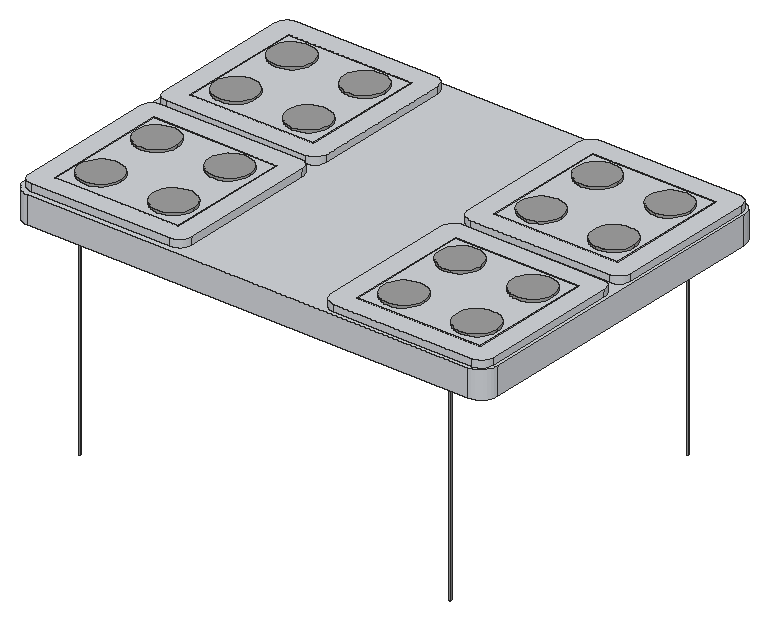
Revit family "LigULing-Industriale-GEWISS-SMART[4]UL_APPARECCHI-LED_3M", category Apparecchi per illuminazione, Revit 2019
Family settings
  Quota connettore circolare = Usa diametro
  Tipo di parte = Normale
  Numero OmniClass = 23.80.70.00
  Titolo OmniClass = Lighting
  Basato su piano di lavoro = Sì
  Sempre verticale = No
  Taglio con vuoti quando caricato = No
  Sorgente d'illuminazione = No
  Condiviso = No
  Punto di calcolo locali = No
Parameters (values of type "GWS4420GP857 - SMART4HB 4M ST.AL.ON/OFF UL 90° 57K")
  Voltaggio = 230 V
  Viti esterne = "Acciaio inox"
  Versione file RFA = "20.11"
  Vano di alimentazione = "Integrato"
  URL = "https://www.gewiss.com/it/it"
  Tolleranza cromatica = "SDCM = 3"
  Tipologia sorgente luminosa = "LED - Non sostituibile"
  Tipo di installazione e montaggio = "Plafone - Parete - Sospensione"
  Tipo di apparecchio = "Riflettore industriale a LED&nbsp;"
  Tensione di alimentazione = "120-277 V"
  Temperatura di stoccaggio = "-"
  Temperatura di esercizio = "-25°C / +40 °C"
  Temperatura di colore = "5700K"
  Superficie massima esposta al vento : = "0,350 m²"
  Spostamento_y_etichetta [instance] = 0 mm
  Spostamento_y_effettivo_etichetta [instance] = 1500 mm - Spostamento_y_etichetta  # 1500 mm
  Spostamento_x_etichetta [instance] = 0 mm
  Spostamento_x_effettivo_etichetta [instance] = 1500 mm - Spostamento_x_etichetta  # 1500 mm
  SostituibilitÃ  piastra di cablaggio = "Non sostituibile"
  SostituibilitÃ  gruppo ottico = "Non sostituibile"
  Sistema di controllo : = "ON / OFF"
  Sistema di controllo = "ON / OFF"
  Schermo = "Vetro Temprato Spessore 4mm"
  Scheda Tecnica = "https://www.gewiss.com/it/it/search?q=GWS4420GP857"
  SEO = ""
  Resistenza al filo incandescente = "850 °C"
  Resistenza agli urti = "IK08"
  Produttore = "GEWISS S.p.A."
  Potenza di sistema = "256W"
  Peso (kg): = "13,5"
  Ottica = "90°"
  Offset etichetta W [instance] = 150 mm
  Norma di riferimento = "UL 1598 - CSA C22.2 No. 250.0-18"
  Modello = "GWS4420GP857"
  Materiali = "-"
  Lumen output (lm) = "36000"
  Lampada = "LED"
  Installazione e manutenzione = "-"
  Informazioni generali = "-"
  Indice di resa cromatica = "CRI-80"
  Inclinazione = "Con accessorio staffa"
  Immagine tipo = GWL1371.jpg
  IPEA = "-"
  IFC.TypeObject = ""
  IFC.ExportType = ""
  IFC.ExportAs = ""
  IDT = "b0b42d5fdd5540d79fb39250799e6b93"
  IDF = "7270c743-f3d6-4e61-acd4-81314d0ba39e"
  Guarnizioni = "tipo siliconico antinvecchiamento "
  Gruppo ottico = "Riflettore in PC metallizzato e lenti in PMMA"
  Grado di protezione = "IP66"
  Garanzia = "5 anni"
  Gancio di chiusura = "-"
  Frequenza nominale (Hz) = "50/60 Hz"
  Fissaggio = "-"
  Finitura colore = "Grigio RAL 7035"
  Etichetta wattaggio [instance] = yes
  Spessore plafoniera = 40 mm  # constant formula
  Default Elevation = 1219.2 mm
  Proiettsmart4_simb [instance] = yes
  Plafoniera_bidimensionale [instance] = not(Proiettsmart4_simb)  # no
  Efficienza luminosa (lm/W) = "141"
  Durata di vita = "L90B10 (Tq+25°C) = 100.000 h - L90B10 (Tq+40°C) = 50.000 h"
  Dispositivo di protezione = "DM 6 kV / CM 10 kV"
  Descrizione = "SMART[4]HB 4M ST.AL.ON/OFF UL 90° 57K"
  Creato da GEWISS S.p.A. = ""
  Corpo = "PA6 “Halogen Free” caricato fibra vetro"
  Controllo abbagliamento e luminanza = "UGR - 22"
  Contesto = "Illuminazione di logistiche e locali produttivi industriali"
  Commenti sul wattaggio = "194W"
  Colore = "Grigio RAL 7035"
  Codice digitale univoco (Datamatrix) = "Datamatrix"
  Codice Electrocod = "2444"
  Classificazione: = "-"
  Classificazione = Lighting
  Classe isolamento = "I"
  Classe fotobiologica = "RG0"
  Certificazioni e classificazioni = "-"
  Certificazione DIN 18032-3 = "-"
  Catalogo = "LIGHTING"
  Carico apparente = 194 VA
  Lunghezza = 700 mm  # constant formula
  Larghezza = 504 mm  # constant formula
  Distanza_tot_plafoniera [instance] = 300 mm
  Distanza Sorg_Lum = 21.458 mm
  Caratteristiche ottiche e illuminotecniche = "-"
  Caratteristiche elettriche e gestione della luce = "-"
  Cablaggio = "Cablaggio singolo con cavo antirespirazione che esce da PG metallico (NO Connettore) "
  COBie.Tagnumber = ""
  COBie.CreatedOn = ""
  COBie.CreatebBy = ""
  COBie.ComponentRegisterItemID = ""
  COBie.Component.TagNumber = ""
  COBie.Component.Space = ""
  COBie.Component.SerialNumber = ""
  COBie.Component.InstallationDate = ""
  COBie.Component.Description = ""
  COBie.Component.BarCode = ""
  Applicazione = "Interno"
  Apparecchio a ridotta temperatura superficiale = "Si"
  Alimentatore = "Incluso"
Types (6, lengths in mm): name | Temperatura di colore | Scheda Tecnica | SEO | Ottica | Modello | Lumen output (lm) | IDT | Gruppo ottico | Efficienza luminosa (lm/W) | Descrizione | Controllo abbagliamento e luminanza
  GWS4420GH840 - SMART4HB 4M ST.AL.ON/OFF UL 60° 40K | "4000K" | "https://www.gewiss.com/it/it/search?q=GWS4420GH840" | "" | "60°" | "GWS4420GH840" | "35300" | "a623bb038b0344dd8fb784aa6df61660" | "Riflettore in PC metallizzato e lenti in PMMA" | "138" | "SMART[4]HB 4M ST.AL.ON/OFF UL 60° 40K" | "UGR - 22"
  GWS4420GH857 - SMART4HB 4M ST.AL.ON/OFF UL 60° 57K | "5700K" | "https://www.gewiss.com/it/it/search?q=GWS4420GH857" | "" | "60°" | "GWS4420GH857" | "35300" | "25e4b584b9a8453c8d3dd922a673cab8" | "Riflettore in PC metallizzato e lenti in PMMA" | "138" | "SMART[4]HB 4M ST.AL.ON/OFF UL 60° 57K" | "UGR - 22"
  GWS4420GP840 - SMART4HB 4M ST.AL.ON/OFF UL 90° 40K | "4000K" | "https://www.gewiss.com/it/it/search?q=GWS4420GP840" | "" | "90°" | "GWS4420GP840" | "36000" | "4c9b2ddab3b940d09dd93bac6e30a8fa" | "Riflettore in PC metallizzato e lenti in PMMA" | "141" | "SMART[4]HB 4M ST.AL.ON/OFF UL 90° 40K" | "UGR - 22"
  GWS4420GP857 - SMART4HB 4M ST.AL.ON/OFF UL 90° 57K | "5700K" | "https://www.gewiss.com/it/it/search?q=GWS4420GP857" | "" | "90°" | "GWS4420GP857" | "36000" | "b0b42d5fdd5540d79fb39250799e6b93" | "Riflettore in PC metallizzato e lenti in PMMA" | "141" | "SMART[4]HB 4M ST.AL.ON/OFF UL 90° 57K" | "UGR - 22"
  GWS4420GA840 - SMART4HB 4M ST.AL.ON/OFF UL ARR.40K | "4000K" | "https://www.gewiss.com/it/it/search?q=GWS4420GA840" | "High bay" | "Array" | "GWS4420GA840" | "35400" | "d11583d618bc4c40931d6c3b05fafe98" | "Riflettore in PC metallizzato" | "138" | "SMART[4]HB 4M ST.AL.ON/OFF UL ARR.40K" | "UGR - 25"
  GWS4420GA857 - SMART4HB 4M ST.AL.ON/OFF UL ARR.57K | "5700K" | "https://www.gewiss.com/it/it/search?q=GWS4420GA857" | "High bay" | "Array" | "GWS4420GA857" | "35400" | "3eaf118947c64f25a66f29e0a89b0b9a" | "Riflettore in PC metallizzato" | "138" | "SMART[4]HB 4M ST.AL.ON/OFF UL ARR.57K" | "UGR - 25"
Reference planes
  plane 1 "Asse sorgente illuminazione (F/B)": y = 0
  plane 2 "2": z = 0
  plane 3 "Asse sorgente illuminazione (L/R)": x = 0
  plane 4 "Prospetto sorgente di illuminazione": z = 1500
  plane 5: x = -350
  plane 6: y = 252
  plane 7: x = 350
  plane 8: y = -252
  plane 9: x = 345
  plane 10: x = -345
  plane 11: x = -104.5
  plane 12: x = 104.5
  plane 13: y = 0
  plane 14: y = -1500
  plane 15: z = 300
  plane 16: z = 340
  plane 17: z = 350
  plane 18: x = -1500
  plane 19: x = 0
  plane 20: y = 0
Dimensions and locks
  equal spacing: plane 6, plane 1 "Asse sorgente illuminazione (F/B)", plane 8
  "Larghezza": plane 6 to plane 8
  equal spacing: plane 5, plane 3 "Asse sorgente illuminazione (L/R)", plane 7
  "Lunghezza": plane 5 to plane 7
  locked: plane 5 to plane 10 at 5
  locked: plane 9 to plane 7 at 5
  locked: plane 16 to plane 15 at 40
  plane 17 to plane 16 = 10 mm
  "Distanza_tot_plafoniera": plane 15 to plane 2 "2"
  plane 18 to plane 3 "Asse sorgente illuminazione (L/R)" = 1500 mm
  plane 1 "Asse sorgente illuminazione (F/B)" to plane 14 = 1500 mm
  "Spostamento_y_effettivo_etichetta": plane 20 to plane 14
  "Spostamento_x_effettivo_etichetta": plane 18 to plane 19
  aligned and locked: level to plane 2 "2"
  aligned and locked: plane 5 to nested 1
  aligned and locked: plane 6 to nested 1
  aligned and locked: plane 9 to nested 2  (x2)
  aligned and locked: plane 10 to nested 12
  aligned and locked: nested 1 to plane 15
  aligned and locked: nested 17 to plane 16
  aligned and locked: plane 16 to nested 12
  aligned and locked: plane 16 to nested 7
  aligned and locked: nested 2 to plane 16
  aligned and locked: plane 17 to nested 19
  aligned and locked: nested 21 to plane 17
  aligned and locked: plane 17 to nested 16
  aligned and locked: nested 14 to plane 17
  aligned and locked: plane 17 to nested 18
  aligned and locked: nested 20 to plane 17
  aligned and locked: plane 17 to nested 15
  aligned and locked: nested 13 to plane 17
  aligned and locked: nested 8 to plane 17
  aligned and locked: plane 17 to nested 10
  aligned and locked: nested 5 to plane 17
  aligned and locked: plane 17 to nested 3
  aligned and locked: nested 9 to plane 17
  aligned and locked: plane 17 to nested 11
  aligned and locked: nested 6 to plane 17
  aligned and locked: plane 17 to nested 4
  aligned and locked: nested 22 to plane 2 "2"
  aligned and locked: nested 23 to plane 2 "2"
  aligned and locked: nested 24 to plane 2 "2"
  aligned and locked: nested 25 to plane 2 "2"
  aligned and locked: nested 28 to plane 20
  aligned and locked: nested 28 to plane 19
Nested families
  nested 1: "Struttura_SMART 4" at (0, 0, 340), type "SMART 4 HB - 4 x 4L"
  nested 2: "mascherina_SMART (4)" at (225, 127, 350), type "Maschera_smart (4) 4L", detail levels fine
  nested 3: "Gewis - Led" at (172.217, 179, 353), type "Gewis - Led", detail levels medium+fine
  nested 4: "Gewis - Led" at (280, 179, 353), type "Gewis - Led", detail levels medium+fine
  nested 5: "Gewis - Led" at (172.217, 75, 353), type "Gewis - Led", detail levels medium+fine
  nested 6: "Gewis - Led" at (280, 75, 353), type "Gewis - Led", detail levels medium+fine
  nested 7: "mascherina_SMART (4)" at (225, -127, 350), type "Maschera_smart (4) 4L", detail levels fine
  nested 8: "Gewis - Led" at (172.217, -179, 353), type "Gewis - Led", detail levels medium+fine
  nested 9: "Gewis - Led" at (280, -179, 353), type "Gewis - Led", detail levels medium+fine
  nested 10: "Gewis - Led" at (172.217, -75, 353), type "Gewis - Led", detail levels medium+fine
  nested 11: "Gewis - Led" at (280, -75, 353), type "Gewis - Led", detail levels medium+fine
  nested 12: "mascherina_SMART (4)" at (-225, 127, 350) x (-1, 0, 0) z (0, 0, 1), type "Maschera_smart (4) 4L", detail levels fine
  nested 13: "Gewis - Led" at (-172.217, 179, 353) x (-1, 0, 0) z (0, 0, 1), type "Gewis - Led", detail levels medium+fine
  nested 14: "Gewis - Led" at (-280, 179, 353) x (-1, 0, 0) z (0, 0, 1), type "Gewis - Led", detail levels medium+fine
  nested 15: "Gewis - Led" at (-172.217, 75, 353) x (-1, 0, 0) z (0, 0, 1), type "Gewis - Led", detail levels medium+fine
  nested 16: "Gewis - Led" at (-280, 75, 353) x (-1, 0, 0) z (0, 0, 1), type "Gewis - Led", detail levels medium+fine
  nested 17: "mascherina_SMART (4)" at (-225, -123, 350) x (-1, 0, 0) z (0, 0, 1), type "Maschera_smart (4) 4L", detail levels fine
  nested 18: "Gewis - Led" at (-172.217, -175, 353) x (-1, 0, 0) z (0, 0, 1), type "Gewis - Led", detail levels medium+fine
  nested 19: "Gewis - Led" at (-280, -175, 353) x (-1, 0, 0) z (0, 0, 1), type "Gewis - Led", detail levels medium+fine
  nested 20: "Gewis - Led" at (-172.217, -71, 353) x (-1, 0, 0) z (0, 0, 1), type "Gewis - Led", detail levels medium+fine
  nested 21: "Gewis - Led" at (-280, -71, 353) x (-1, 0, 0) z (0, 0, 1), type "Gewis - Led", detail levels medium+fine
  nested 22: "Sospensione_ SMART LAB 4" at (274.338, -220.687, 0), Altezza sospensione <- "Distanza_tot_plafoniera", type "Sospensione_ SMART LAB 4"
    with Altezza sospensione 300 mm
  nested 23: "Sospensione_ SMART LAB 4" at (274.338, 219.313, 0), Altezza sospensione <- "Distanza_tot_plafoniera", type "Sospensione_ SMART LAB 4"
    with Altezza sospensione 300 mm
  nested 24: "Sospensione_ SMART LAB 4" at (-274.338, -220.687, 0), Altezza sospensione <- "Distanza_tot_plafoniera", type "Sospensione_ SMART LAB 4"
    with Altezza sospensione 300 mm
  nested 25: "Sospensione_ SMART LAB 4" at (-274.338, 219.313, 0), Altezza sospensione <- "Distanza_tot_plafoniera", type "Sospensione_ SMART LAB 4"
    with Altezza sospensione 300 mm
  nested 26: "Rappr_ bidimensionale" at (0, 0, 0), visible <- "Plafoniera_bidimensionale", type "4 X4 LED"
  nested 27: "PROIETTSMART - 4" at (0, 0, 0), visible <- "Proiettsmart4_simb", type "PROIETTSMART - 4"
  nested 28: "ETICHETTA LIGHT" at (0, 0, 0), type "ETICHETTA LIGHT"
Connectors
  electrical at (0.009, -0.098, 300), driven by "Classificazione", driven by "Carico apparente"
    settings: on nested 1, index 1, voltage 230 V, apparent load 0 VA, apparent load phase1 194 VA, apparent load phase2 0 VA, apparent load phase3 0 VA, power factor 1, load classification "Lighting", number of poles 2, system type 31, power factor state 1, is connector primary yes, connector utility no, sub classification motor no, connector description ""
Definition of nested family "Struttura_SMART 4"
  Parameters (values of type "SMART 4 HB - 4 x 4L")
    Struttura plafoniera = none
    Spessore_plafoniera = 40 mm
    Lunghezza = 700 mm
    Larghezza = 504 mm
  Types (2, lengths in mm): name | Lunghezza | Larghezza
    SMART 4 HB - 4+4L | 699 | 254
    SMART 4 HB - 4 x 4L | 700 | 504
  Reference planes
    plane 1 "Asse sorgente illuminazione (F/B)": y = 0
    plane 2: z = 0
    plane 3 "Asse sorgente illuminazione (L/R)": x = 0
    plane 4 "Prospetto sorgente di illuminazione": z = -40
    plane 5 "SX": x = -350
    plane 6 "DX": x = 350
    plane 7 "DIETRO": y = 252
    plane 8 "AVANTI": y = -252
    plane 9: x = 107
    plane 10: x = 339
    plane 11: y = -241
    plane 12: y = 241
    plane 13: x = -339
    plane 14: x = -107
  Forms (mm)
    Extrusion 1, solid, material <- "Struttura plafoniera"
      sketch origin (0, 0, 0) x (1, 0, 0) y (0, 1, 0)
        loop
          line (350, -227.595) -> (350, 227.59)
          arc (350, 227.59) -> (342.85, 244.85) -> (325.59, 252) r 24.41
          line (325.59, 252) -> (-325.509, 252)
          arc (-325.509, 252) -> (-343.054, 244.6) -> (-350, 226.871) r 24.499
          line (-350, 226.871) -> (-350, -227.592)
          arc (-350, -227.592) -> (-342.851, -244.851) -> (-325.592, -252) r 24.408
          line (-325.592, -252) -> (325.617, -252)
          arc (325.617, -252) -> (342.834, -244.868) -> (349.965, -227.652) r 24.348
      from -40 to 0
  Dimensions and locks
    equal spacing: plane 5 "SX", plane 3 "Asse sorgente illuminazione (L/R)", plane 6 "DX"
    equal spacing: plane 7 "DIETRO", plane 1 "Asse sorgente illuminazione (F/B)", plane 8 "AVANTI"
    "Lunghezza": plane 5 "SX" to plane 6 "DX"
    "Larghezza": plane 7 "DIETRO" to plane 8 "AVANTI"
    locked: plane 7 "DIETRO" to plane 12 at 11
    locked: plane 11 to plane 8 "AVANTI" at 11
    locked: plane 10 to plane 6 "DX" at 11
    locked: plane 9 to plane 10 at 232
    plane 13 to plane 14 = 232 mm
    locked: plane 5 "SX" to plane 13 at 11
    "Spessore_plafoniera": plane 2 to plane 4 "Prospetto sorgente di illuminazione"
    aligned and locked: level to plane 2
    aligned and locked: Extrusion 1 to plane 5 "SX"
    aligned and locked: Extrusion 1 to plane 8 "AVANTI"  (x2)
    aligned and locked: plane 7 "DIETRO" to Extrusion 1
    aligned and locked: plane 6 "DX" to Extrusion 1
    aligned and locked: plane 4 "Prospetto sorgente di illuminazione" to Extrusion 1
    aligned and locked: plane 2 to Extrusion 1
  Automatic sketch dimensions
    Extrusion 1 sketch curve to plane 5 "SX" = 0 mm
    Extrusion 1 sketch curve to plane 8 "AVANTI" = 0 mm
    Extrusion 1 sketch curve to plane 7 "DIETRO" = 0 mm
    Extrusion 1 sketch curve to plane 6 "DX" = 0 mm
    plane 13 to Extrusion 1 sketch curve = 13.408 mm
    plane 13 to Extrusion 1 sketch curve = 13.491 mm
    Extrusion 1 sketch curve to plane 10 = 13.41 mm
    Extrusion 1 sketch curve to plane 10 = 13.383 mm
    plane 11 to Extrusion 1 sketch curve = 13.348 mm
    Extrusion 1 sketch curve to plane 12 = 14.129 mm
    Extrusion 1 sketch curve to Extrusion 1 sketch curve = 0.056 mm
Definition of nested family "mascherina_SMART (4)"
  Parameters (values of type "Maschera_smart (4) 4L")
    Spessore_mascherina = 10 mm
    Default Elevation = 1219.2 mm
    N.intarsi = (Lunghezza_mascherina - (Bordo * 2)) / 15 mm  # 12
    N._intarsi verticale = (Larghezza_mascherina - (Bordo * 2)) / 17 mm  # 11
    Mascherina = none
    Lunghezza_mascherina = 240 mm
    Larghezza_mascherina = 240 mm
    Distanza_intarsi v. = 41 mm  # constant formula
    Distanza_intarsi = 37 mm  # constant formula
    Bordo = 29 mm
  Reference planes
    plane 1 "Centro (Fronte/Retro)": y = 0
    plane 2: z = 0
    plane 3 "Centro (Sinistra/Destra)": x = 0
    plane 4: x = -120
    plane 5 "Dietro": y = 120
    plane 6: x = 120
    plane 7: y = -120
    plane 8: x = -91
    plane 9: y = -91
    plane 10: x = 91
    plane 11: y = 91
    plane 12: x = -83
    plane 13: y = 94.742
    plane 14: y = -95
    plane 15: z = -10
    plane 16: x = -95
    plane 17: y = 79
    plane 18: y = -79
    plane 19: x = 95
    plane 20: z = -4.799
  Forms (mm)
    Extrusion 1, solid, material <- "Mascherina"
      sketch origin (0, 0, 0) x (1, 0, 0) y (0, 1, 0)
        loop
          arc (-102.5, 120) -> (-114.874, 114.874) -> (-120, 102.5) r 17.5
          line (-120, 102.5) -> (-120, -102.5)
          arc (-120, -102.5) -> (-114.874, -114.874) -> (-102.5, -120) r 17.5
          line (-102.5, -120) -> (102.5, -120)
          arc (102.5, -120) -> (114.874, -114.874) -> (120, -102.5) r 17.5
          line (120, -102.5) -> (120, 102.5)
          arc (120, 102.5) -> (114.874, 114.874) -> (102.5, 120) r 17.5
          line (102.5, 120) -> (-102.5, 120)
        loop
          line (-91, 91) -> (-91, -91) -> (91, -91) -> (91, 91) -> (-91, 91)
      from -10 to 0
    Extrusion 2, solid, material <- "Mascherina"
      sketch origin (0, 0, 0) x (1, 0, 0) y (0, 1, 0)
        loop
          line (-91, 91) -> (-91, -91) -> (91, -91) -> (91, 91) -> (-91, 91)
      from -4.799 to 0
  Dimensions and locks
    equal spacing: plane 4, plane 3 "Centro (Sinistra/Destra)", plane 6
    "Lunghezza_mascherina": plane 4 to plane 6
    equal spacing: plane 5 "Dietro", plane 1 "Centro (Fronte/Retro)", plane 7
    "Larghezza_mascherina": plane 5 "Dietro" to plane 7
    "Bordo": plane 4 to plane 8
    "Bordo": plane 9 to plane 7
    "Bordo": plane 5 "Dietro" to plane 11
    "Bordo": plane 10 to plane 6
    "Distanza_intarsi": plane 4 to plane 12
    locked: plane 13 to plane 11 at 3.742
    "Spessore_mascherina": plane 2 to plane 15
    "Distanza_intarsi v.": plane 5 "Dietro" to plane 17
    "Distanza_intarsi v.": plane 18 to plane 7
    locked: plane 9 to plane 14 at 4
    locked: plane 16 to plane 8 at 4
    locked: plane 10 to plane 19 at 4
    locked: plane 2 to plane 20 at 4.799
    radius of Extrusion 1 sketch curve = 17.5 mm  (x4)
    aligned and locked: level to plane 2
    aligned and locked: plane 4 to Extrusion 1 sketch curve
    aligned and locked: plane 6 to Extrusion 1 sketch curve
    aligned and locked: Extrusion 1 sketch curve to plane 5 "Dietro"
    aligned and locked: Extrusion 1 sketch curve to plane 7
    aligned and locked: Extrusion 1 sketch curve to plane 11
    aligned and locked: plane 8 to Extrusion 1 sketch curve
    aligned and locked: plane 9 to Extrusion 1 sketch curve
    aligned and locked: Extrusion 1 sketch curve to plane 10
    aligned and locked: plane 2 to Extrusion 1
    aligned and locked: Extrusion 1 to plane 15
    aligned and locked: Extrusion 2 sketch curve to plane 10
    aligned and locked: plane 9 to Extrusion 2 sketch curve
    aligned and locked: plane 8 to Extrusion 2 sketch curve
    aligned and locked: Extrusion 2 sketch curve to plane 11
    aligned and locked: plane 2 to Extrusion 2
    aligned and locked: Extrusion 2 to plane 20
Definition of nested family "Gewis - Led"
  Parameters (values of type "Gewis - Led")
    Vetro = none
    Raggio led = 30 mm
    Default Elevation = 1219.2 mm
    Estensione vetro = 3 mm
  Reference planes
    plane 1 "Centro (Fronte/Retro)": y = 0
    plane 2: z = 0
    plane 3 "Centro (Sinistra/Destra)": x = 0
  Forms (mm)
    Extrusion 1, solid, material <- "Vetro"
      sketch origin (0, 0, 0) x (1, 0, 0) y (0, 1, 0)
        loop
          circle (0, 0) r 30
      from -3 to 0
  Dimensions and locks
    "Estensione vetro": level to Extrusion 1
    "Raggio led": radius of Extrusion 1 sketch curve
    aligned and locked: level to plane 2
    aligned and locked: level to Extrusion 1
  Automatic sketch dimensions
    plane 1 "Centro (Fronte/Retro)" to Extrusion 1 sketch curve = 0 mm
    Extrusion 1 sketch curve to plane 3 "Centro (Sinistra/Destra)" = 0 mm
Definition of nested family "Sospensione_ SMART LAB 4"
  Parameters (values of type "Sospensione_ SMART LAB 4")
    Default Elevation = 1219.2 mm
    Altezza sospensione [instance] = 500 mm
  Reference planes
    plane 1 "Center (Front/Back)": y = 0
    plane 2: z = 0
    plane 3 "Center (Left/Right)": x = 0
    plane 4: z = 500
  Forms (mm)
    Extrusion 1, solid
      sketch origin (0, 0, 0) x (1, 0, 0) y (0, 1, 0)
        loop
          circle (0, -0.028) r 1.25
      from 0 to 500
  Lines and regions (mm)
    model lines, not visible
      curve 1: line (0, 0, 0) -> (0, 0, 9.482)
  Dimensions and locks
    "Altezza sospensione": plane 4 to level
    plane 4 to plane 2 = 500 mm
    aligned and locked: level to plane 2
    aligned and locked: plane 4 to Extrusion 1
    aligned and locked: Extrusion 1 to plane 2
  Automatic sketch dimensions
    Extrusion 1 sketch curve to plane 3 "Center (Left/Right)" = 0 mm
    plane 1 "Center (Front/Back)" to Extrusion 1 sketch curve = 0.028 mm
    curve 1 to plane 3 "Center (Left/Right)" = 0 mm
    curve 1 to level = 0 mm
    curve 1 to curve 1 = 9.482 mm
    radius of Extrusion 1 sketch curve = 1.25 mm
Definition of nested family "Rappr_ bidimensionale"
  Parameters (values of type "4 X4 LED")
    5 LED = no
    4 LED = not([5 LED])  # yes
  Reference planes
    plane 1 "Centro (Fronte/Retro)": y = 0
    plane 2: z = 0
    plane 3 "Centro (Sinistra/Destra)": x = 0
  Lines and regions (mm)
    model lines, in view "Livello rif.", visible <- "4 LED"
      curve 1: circle (176.124, 171.566, 0) r 28.619 normal (0, 0, 1)
      curve 2: circle (270.124, 77.566, 0) r 28.619 normal (0, 0, 1)
      curve 3: circle (176.124, 77.566, 0) r 28.619 normal (0, 0, 1)
      curve 4: circle (270.124, 171.566, 0) r 28.619 normal (0, 0, 1)
      curve 5: circle (-175.025, 77.434, 0) r 28.619 normal (0, 0, 1)
      curve 6: circle (-269.025, 171.434, 0) r 28.619 normal (0, 0, 1)
      curve 7: circle (-175.025, 171.434, 0) r 28.619 normal (0, 0, 1)
      curve 8: circle (-269.025, 77.434, 0) r 28.619 normal (0, 0, 1)
      curve 9: circle (-175.025, -171.611, 0) r 28.619 normal (0, 0, 1)
      curve 10: circle (-269.025, -77.611, 0) r 28.619 normal (0, 0, 1)
      curve 11: circle (-175.025, -77.611, 0) r 28.619 normal (0, 0, 1)
      curve 12: circle (-269.025, -171.611, 0) r 28.619 normal (0, 0, 1)
      curve 13: circle (176.124, -77.434, 0) r 28.619 normal (0, 0, 1)
      curve 14: circle (270.124, -171.434, 0) r 28.619 normal (0, 0, 1)
      curve 15: circle (176.124, -171.434, 0) r 28.619 normal (0, 0, 1)
      curve 16: circle (270.124, -77.434, 0) r 28.619 normal (0, 0, 1)
    model lines, in view "Livello rif."
      curve 17: arc (-326.07, 251.865, 0) -> (-342.562, 245.006, 0) -> (-349.39, 228.5, 0) r 23.365
      curve 18: arc (350.489, 228.546, 0) -> (343.613, 245.054, 0) -> (327.079, 251.865, 0) r 23.365
      curve 19: arc (327.098, -251.865, 0) -> (343.653, -245.015, 0) -> (350.489, -228.454, 0) r 23.365
      curve 20: arc (-349.39, -228.5, 0) -> (-342.555, -245.013, 0) -> (-326.05, -251.865, 0) r 23.365
      curve 21: arc (-102.728, -20.5, 0) -> (-107.214, -9.678, 0) -> (-118.041, -5.203, 0) r 15.297
      curve 22: arc (-118.041, 5.203, 0) -> (-107.214, 9.678, 0) -> (-102.728, 20.5, 0) r 15.297
      curve 23: arc (-118.041, -243.797, 0) -> (-107.214, -239.322, 0) -> (-102.728, -228.5, 0) r 15.297
      curve 24: arc (327.107, 5.203, 0) -> (337.947, 9.69, 0) -> (342.421, 20.535, 0) r 15.297
      curve 25: arc (103.827, 20.465, 0) -> (108.314, 9.677, 0) -> (119.107, 5.203, 0) r 15.297
      curve 26: arc (119.089, 243.797, 0) -> (108.308, 239.316, 0) -> (103.827, 228.535, 0) r 15.297
      curve 27: arc (342.421, 228.535, 0) -> (337.916, 239.341, 0) -> (327.089, 243.797, 0) r 15.297
      curve 28: arc (-341.321, 20.535, 0) -> (-336.859, 9.702, 0) -> (-326.041, 5.203, 0) r 15.297
      curve 29: arc (-326.059, 243.797, 0) -> (-336.865, 239.292, 0) -> (-341.321, 228.465, 0) r 15.297
      curve 30: arc (-102.728, 228.5, 0) -> (-107.22, 239.329, 0) -> (-118.059, 243.797, 0) r 15.297
      curve 31: arc (342.421, -20.465, 0) -> (337.922, -9.666, 0) -> (327.107, -5.203, 0) r 15.297
      curve 32: arc (327.107, -243.797, 0) -> (337.947, -239.31, 0) -> (342.421, -228.465, 0) r 15.297
      curve 33: arc (103.827, -228.535, 0) -> (108.314, -239.323, 0) -> (119.107, -243.797, 0) r 15.297
      curve 34: arc (119.107, -5.203, 0) -> (108.314, -9.677, 0) -> (103.827, -20.465, 0) r 15.297
      curve 35: arc (-341.321, -228.465, 0) -> (-336.859, -239.298, 0) -> (-326.041, -243.797, 0) r 15.297
      curve 36: arc (-326.041, -5.203, 0) -> (-336.859, -9.702, 0) -> (-341.321, -20.535, 0) r 15.297
      curve 37: line (130.624, 32, 0) -> (130.624, 217, 0)
      curve 38: line (130.624, 217, 0) -> (315.624, 217, 0)
      curve 39: line (315.624, 217, 0) -> (315.624, 32, 0)
      curve 40: line (315.624, 32, 0) -> (130.624, 32, 0)
      curve 41: line (-129.525, 32, 0) -> (-314.525, 32, 0)
      curve 42: line (-314.525, 32, 0) -> (-314.525, 217, 0)
      curve 43: line (-314.525, 217, 0) -> (-129.525, 217, 0)
      curve 44: line (-129.525, 217, 0) -> (-129.525, 32, 0)
      curve 45: line (-129.525, -217.045, 0) -> (-314.525, -217.045, 0)
      curve 46: line (-314.525, -217.045, 0) -> (-314.525, -32.045, 0)
      curve 47: line (-314.525, -32.045, 0) -> (-129.525, -32.045, 0)
      curve 48: line (-129.525, -32.045, 0) -> (-129.525, -217.045, 0)
      curve 49: line (130.624, -217, 0) -> (130.624, -32, 0)
      curve 50: line (130.624, -32, 0) -> (315.624, -32, 0)
      curve 51: line (315.624, -32, 0) -> (315.624, -217, 0)
      curve 52: line (315.624, -217, 0) -> (130.624, -217, 0)
      curve 53: line (-349.39, 228.5, 0) -> (-349.39, -228.5, 0)
      curve 54: line (327.079, 251.865, 0) -> (-326.07, 251.865, 0)
      curve 55: line (350.489, -228.454, 0) -> (350.489, 228.546, 0)
      curve 56: line (327.098, -251.865, 0) -> (-326.05, -251.865, 0)
      curve 57: line (-102.728, -228.5, 0) -> (-102.728, -20.5, 0)
      curve 58: line (-326.041, -5.203, 0) -> (-118.041, -5.203, 0)
      curve 59: line (-102.728, 20.5, 0) -> (-102.728, 228.5, 0)
      curve 60: line (-326.041, 5.203, 0) -> (-118.041, 5.203, 0)
      curve 61: line (119.107, 5.203, 0) -> (327.107, 5.203, 0)
      curve 62: line (103.827, 20.465, 0) -> (103.827, 228.535, 0)
      curve 63: line (119.089, 243.797, 0) -> (327.089, 243.797, 0)
      curve 64: line (342.421, 20.535, 0) -> (342.421, 228.535, 0)
      curve 65: line (-341.321, 20.535, 0) -> (-341.321, 228.465, 0)
      curve 66: line (-326.059, 243.797, 0) -> (-118.059, 243.797, 0)
      curve 67: line (119.107, -5.203, 0) -> (327.107, -5.203, 0)
      curve 68: line (342.421, -228.465, 0) -> (342.421, -20.465, 0)
      curve 69: line (119.107, -243.797, 0) -> (327.107, -243.797, 0)
      curve 70: line (103.827, -228.535, 0) -> (103.827, -20.465, 0)
      curve 71: line (-326.041, -243.797, 0) -> (-118.041, -243.797, 0)
      curve 72: line (-341.321, -228.465, 0) -> (-341.321, -20.535, 0)
    detail lines, in view "Livello rif.", visible <- "5 LED"
      curve 73: circle (-223.979, 122.48, 0) r 28.619 normal (0, 0, 1)
      curve 74: circle (-175.025, 77.434, 0) r 28.619 normal (0, 0, 1)
      curve 75: circle (-269.025, 171.434, 0) r 28.619 normal (0, 0, 1)
      curve 76: circle (-175.025, 171.434, 0) r 28.619 normal (0, 0, 1)
      curve 77: circle (-269.025, 77.434, 0) r 28.619 normal (0, 0, 1)
      curve 78: circle (176.124, 171.566, 0) r 28.619 normal (0, 0, 1)
      curve 79: circle (270.124, 77.566, 0) r 28.619 normal (0, 0, 1)
      curve 80: circle (176.124, 77.566, 0) r 28.619 normal (0, 0, 1)
      curve 81: circle (270.124, 171.566, 0) r 28.619 normal (0, 0, 1)
      curve 82: circle (-175.025, -171.611, 0) r 28.619 normal (0, 0, 1)
      curve 83: circle (-269.025, -77.611, 0) r 28.619 normal (0, 0, 1)
      curve 84: circle (-175.025, -77.611, 0) r 28.619 normal (0, 0, 1)
      curve 85: circle (-269.025, -171.611, 0) r 28.619 normal (0, 0, 1)
      curve 86: circle (176.124, -77.434, 0) r 28.619 normal (0, 0, 1)
      curve 87: circle (270.124, -171.434, 0) r 28.619 normal (0, 0, 1)
      curve 88: circle (176.124, -171.434, 0) r 28.619 normal (0, 0, 1)
      curve 89: circle (270.124, -77.434, 0) r 28.619 normal (0, 0, 1)
      curve 90: circle (-221.479, -125.02, 0) r 28.619 normal (0, 0, 1)
      curve 91: circle (221.694, -125.02, 0) r 28.619 normal (0, 0, 1)
      curve 92: circle (221.694, 124.956, 0) r 28.619 normal (0, 0, 1)
Definition of nested family "PROIETTSMART - 4"
  Reference planes
    plane 1 "Centro (Fronte/Retro)": y = 0
    plane 2: z = 0
    plane 3 "Centro (Sinistra/Destra)": x = 0
  Lines and regions (mm)
    model lines, in view "Livello rif."
      curve 1: line (134.982, -122.65, 0) -> (68.521, -89.561, 0)
      curve 2: line (68.521, -89.561, 0) -> (134.982, -56.075, 0)
      curve 3: line (134.982, -56.075, 0) -> (134.982, -122.65, 0)
      curve 4: line (68.521, -56.274, 0) -> (68.521, -122.849, 0)
      curve 5: line (68.521, -89.561, 0) -> (29.658, -89.561, 0)
      curve 6: line (134.982, -89.362, 0) -> (163.679, -89.362, 0)
      curve 7: line (198.934, -192.237, 0) -> (-201.066, -192.237, 0)
      curve 8: line (19.872, -13.139, 0) -> (172.718, -13.139, 0)
      curve 9: line (172.718, -13.139, 0) -> (172.718, -165.984, 0)
      curve 10: line (172.718, -165.984, 0) -> (19.872, -165.984, 0)
      curve 11: line (19.872, -165.984, 0) -> (19.872, -13.139, 0)
      curve 12: line (-59.74, -122.65, 0) -> (-126.201, -89.561, 0)
      curve 13: line (-126.201, -89.561, 0) -> (-59.74, -56.075, 0)
      curve 14: line (-59.74, -56.075, 0) -> (-59.74, -122.65, 0)
      curve 15: line (-126.201, -56.274, 0) -> (-126.201, -122.849, 0)
      curve 16: line (-126.201, -89.561, 0) -> (-165.064, -89.561, 0)
      curve 17: line (-59.74, -89.362, 0) -> (-31.043, -89.362, 0)
      curve 18: line (-174.85, -13.139, 0) -> (-22.005, -13.139, 0)
      curve 19: line (-22.005, -13.139, 0) -> (-22.005, -165.984, 0)
      curve 20: line (-22.005, -165.984, 0) -> (-174.85, -165.984, 0)
      curve 21: line (-174.85, -165.984, 0) -> (-174.85, -13.139, 0)
      curve 22: line (134.982, 56.449, 0) -> (68.521, 89.537, 0)
      curve 23: line (68.521, 89.537, 0) -> (134.982, 123.023, 0)
      curve 24: line (134.982, 123.023, 0) -> (134.982, 56.449, 0)
      curve 25: line (68.521, 122.824, 0) -> (68.521, 56.25, 0)
      curve 26: line (68.521, 89.537, 0) -> (29.658, 89.537, 0)
      curve 27: line (134.982, 89.736, 0) -> (163.679, 89.736, 0)
      curve 28: line (19.872, 165.96, 0) -> (172.718, 165.96, 0)
      curve 29: line (172.718, 165.96, 0) -> (172.718, 13.114, 0)
      curve 30: line (172.718, 13.114, 0) -> (19.872, 13.114, 0)
      curve 31: line (19.872, 13.114, 0) -> (19.872, 165.96, 0)
      curve 32: line (198.934, -192.237, 0) -> (198.934, 192.237, 0)
      curve 33: line (198.934, 192.237, 0) -> (-201.066, 192.237, 0)
      curve 34: line (-201.066, 192.237, 0) -> (-201.066, -192.237, 0)
      curve 35: line (-59.74, 56.449, 0) -> (-126.201, 89.537, 0)
      curve 36: line (-126.201, 89.537, 0) -> (-59.74, 123.023, 0)
      curve 37: line (-59.74, 123.023, 0) -> (-59.74, 56.449, 0)
      curve 38: line (-126.201, 122.824, 0) -> (-126.201, 56.25, 0)
      curve 39: line (-126.201, 89.537, 0) -> (-165.064, 89.537, 0)
      curve 40: line (-59.74, 89.736, 0) -> (-31.043, 89.736, 0)
      curve 41: line (-174.85, 165.96, 0) -> (-22.005, 165.96, 0)
      curve 42: line (-22.005, 165.96, 0) -> (-22.005, 13.114, 0)
      curve 43: line (-22.005, 13.114, 0) -> (-174.85, 13.114, 0)
      curve 44: line (-174.85, 13.114, 0) -> (-174.85, 165.96, 0)
Definition of nested family "ETICHETTA LIGHT"
  Parameters (values of type "ETICHETTA LIGHT")
    COMMENTI = "236W"
  Reference planes
    plane 1: y = 0
    plane 2: x = 0
  Text (mm)
    label "COMMENTI" at (-0.057, 0.105, 0), shows "COMMENTI"
